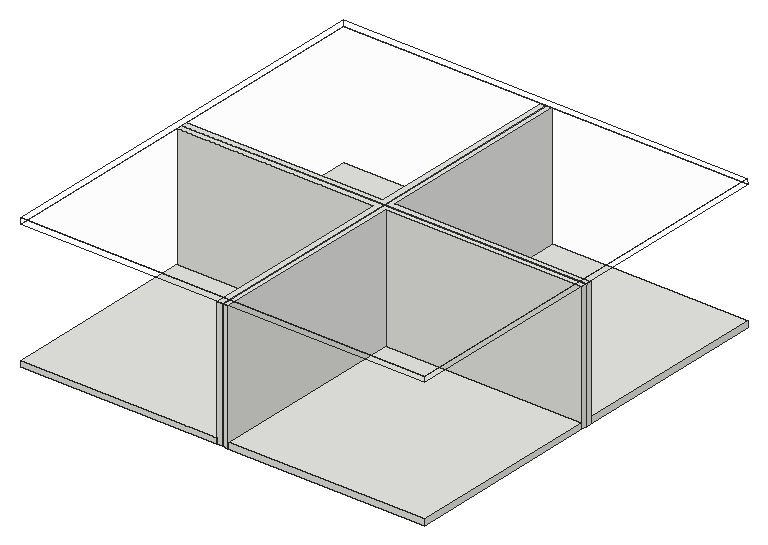
Revit family "Table-Coffee-Teknion-STLL_Masalla-R2013", category Furniture, Revit 2013
Parameters (values of type "4 Box Square, Plus")
  Width = 33.46457"
  Warranty = "http://www.teknionstudio.com/pdfs/Teknion%20Studio%20Warranty.pdf"
  Unit Weight = 0.00 lbf
  URL = "www.teknionstudio.com"
  Table Top Finish [instance] = Glass - Teknion - A5 - Standard - Clear
  Surface D Finish [instance] = Paint - Teknion - True White
  Surface C Finish [instance] = Paint - Teknion - True White
  Surface B Finish [instance] = Paint - Teknion - True White
  Surface A Finish [instance] = Paint - Teknion - True White
  Series = "Studio"
  Product Line = "Masalla"
  Product Documentation Link = "http://www.teknionstudio.com/pricing/STLL_ppg.pdf"
  Part Number = "STLL"
  Model = "STLL"
  Manufacturer Phone = "919-464-2920"
  Manufacturer Fax = "919-464-2927"
  Manufacturer Email = "customersupport@teknionstudio.com"
  Manufacturer Address = "3941 US 70 Business HWY West, Clayton, NC 27520"
  Manufacturer = "Teknion Studio"
  Low Emitting Material = yes
  Low Emitting Finish = yes
  Height = 12.59843"
  Description = "Masalla Table, 4 Box Square - Plus"
  Depth = 33.46457"
  Assembly Code = "E2020200"
Reference planes (in)
  plane 1 "Center F/B": y = 0
  plane 2: z = 0
  plane 3 "Center L/R": x = 0
  plane 4 "Left": x = -16.73228
  plane 5 "Right": x = 16.73228
  plane 6 "Back": y = 16.73228
  plane 7 "Front": y = -16.73228
  plane 8 "Top": z = 12.59843
  plane 9: z = 1.5748
  plane 10: z = 12.12598
Forms (in)
  Sweep 1, solid, material "Paint - Teknion - Smoke"
    path origin (0, 0, 0) x (1, 0, 0) y (0, 0, 1)
      loop
        line (0, 0) -> (0, 1.5748)
    profile origin (0, 0, 0.7874) x (-1, 0, 0) y (0, -1, 0)
      loop
        line (14.37028, -14.37008) -> (14.37028, 14.37008) -> (-14.37028, 14.37008) -> (-14.37028, -14.37008) -> (14.37028, -14.37008)
      loop
        line (-13.89784, -13.89764) -> (13.89784, -13.89764) -> (13.89784, 13.89764) -> (-13.89784, 13.89764) -> (-13.89784, -13.89764)
  Sweep 2, solid, material "Paint - Teknion - Smoke"
    path origin (0, 0, 0) x (1, 0, 0) y (0, 0, 1)
      loop
        line (0, 1.5748) -> (0, 1.10236)
    profile origin (0, 0, 1.33858) x (0, -1, 0) y (1, 0, 0)
      loop
        line (-13.89764, -13.89728) -> (13.89764, -13.89728) -> (13.89764, 13.89728) -> (-13.89764, 13.89728) -> (-13.89764, -13.89728)
  Sweep 3, solid, material "Glass - Teknion - A5 - Standard - Clear" <- "Table Top Finish"
    path origin (0, 0, 0) x (1, 0, 0) y (0, 0, 1)
      loop
        line (0, 12.59843) -> (0, 12.12598)
    profile origin (0, 0, 12.3622) x (0, -1, 0) y (1, 0, 0)
      loop
        line (-16.73228, -16.73228) -> (16.73228, -16.73228) -> (16.73228, 16.73228) -> (-16.73228, 16.73228) -> (-16.73228, -16.73228)
  Sweep 4, solid, material "Paint - Teknion - True White" <- "Surface A Finish"
    path origin (0, 0, 0) x (1, 0, 0) y (0, 0, 1)
      loop
        line (0, 12.12598) -> (0, 1.5748)
    profile origin (0, 0, 6.85039) x (0, -1, 0) y (1, 0, 0)
      loop
        line (-0.472, -16.73228) -> (0, -16.73228) -> (0, 0) -> (-16.73228, 0) -> (-16.73228, -0.472) -> (-0.472, -0.472) -> (-0.472, -16.73228)
  Sweep 5, solid, material "Paint - Teknion - True White" <- "Surface A Finish"
    path origin (0, 0, 0) x (-1, 0, 0) y (0, 0, 1)
      loop
        line (0, 1.5748) -> (0, 2.04724)
    profile origin (0, 0, 1.81102) x (-1, 0, 0) y (0, -1, 0)
      loop
        line (0.472, -16.73228) -> (16.73228, -16.73228) -> (16.73228, -0.472) -> (0.472, -0.472) -> (0.472, -16.73228)
  Sweep 6, solid, material "Paint - Teknion - True White" <- "Surface B Finish"
    path origin (0, 0, 0) x (1, 0, 0) y (0, 0, -1)
      loop
        line (0, -1.5748) -> (0, -2.04724)
    profile origin (0, 0, 1.81102) x (1, 0, 0) y (0, 1, 0)
      loop
        line (-16.73228, -16.73228) -> (-0.47244, -16.73228) -> (-0.47244, -0.472) -> (-16.73228, -0.472) -> (-16.73228, -16.73228)
  Sweep 7, solid, material "Paint - Teknion - True White" <- "Surface B Finish"
    path origin (0, 0, 0) x (1, 0, 0) y (0, 0, 1)
      loop
        line (0, 12.12598) -> (0, 1.5748)
    profile origin (0, 0, 6.85039) x (0, -1, 0) y (1, 0, 0)
      loop
        line (16.73228, 0) -> (0, 0) -> (0, -16.73228) -> (0.472, -16.73228) -> (0.472, -0.47244) -> (16.73228, -0.47244) -> (16.73228, 0)
  Sweep 8, solid, material "Paint - Teknion - True White" <- "Surface D Finish"
    path origin (0, 0, 0) x (1, 0, 0) y (0, 0, 1)
      loop
        line (0, 12.12598) -> (0, 1.5748)
    profile origin (0, 0, 6.85039) x (0, -1, 0) y (1, 0, 0)
      loop
        line (-0.472, 0.472) -> (-16.73228, 0.472) -> (-16.73228, 0) -> (0, 0) -> (0, 16.73228) -> (-0.472, 16.73228) -> (-0.472, 0.472)
  Sweep 9, solid, material "Paint - Teknion - True White" <- "Surface D Finish"
    path origin (0, 0, 0) x (1, 0, 0) y (0, 0, 1)
      loop
        line (0, 2.0468) -> (0, 1.5748)
    profile origin (0, 0, 1.8108) x (0, -1, 0) y (1, 0, 0)
      loop
        line (-16.73228, 0.472) -> (-0.472, 0.472) -> (-0.472, 16.73228) -> (-16.73228, 16.73228) -> (-16.73228, 0.472)
  Sweep 10, solid, material "Paint - Teknion - True White" <- "Surface C Finish"
    path origin (0, 0, 0) x (1, 0, 0) y (0, 0, 1)
      loop
        line (0, 12.12598) -> (0, 1.5748)
    profile origin (0, 0, 6.85039) x (0, -1, 0) y (1, 0, 0)
      loop
        line (0, 0) -> (16.73228, 0) -> (16.73228, 0.472) -> (0.472, 0.472) -> (0.472, 16.73228) -> (0, 16.73228) -> (0, 0)
  Sweep 11, solid, material "Paint - Teknion - True White" <- "Surface C Finish"
    path origin (0, 0, 0) x (1, 0, 0) y (0, 0, 1)
      loop
        line (0, 2.04724) -> (0, 1.5748)
    profile origin (0, 0, 1.81102) x (0, -1, 0) y (1, 0, 0)
      loop
        line (16.73228, 16.73228) -> (0.472, 16.73228) -> (0.472, 0.472) -> (16.73228, 0.472) -> (16.73228, 16.73228)
Lines and regions (in)
  Masking region 1
    outline origin (0, 0, 12.59843) x (-1, 0, 0) y (0, -1, 0)
      loop
        line (16.73228, -16.73228) -> (16.73228, 16.73228) -> (-16.73228, 16.73228) -> (-16.73228, -16.73228) -> (16.73228, -16.73228)
  symbolic lines, style "Hidden Lines", detail levels medium+fine
    curve 1: line (-16.73228, 0, 12.59843) -> (16.73228, 0, 12.59843)
    curve 8: line (0, 16.73228, 12.59843) -> (0, -16.73228, 12.59843)
  symbolic lines, style "Hidden Lines", detail levels fine
    curve 2: line (0.472, 16.73228, 12.59843) -> (0.472, 0.472, 12.59843)
    curve 3: line (-0.472, 16.73228, 12.59843) -> (-0.472, 0, 12.59843)
    curve 4: line (-16.73228, 0.472, 12.59843) -> (-0.472, 0.472, 12.59843)
    curve 5: line (-16.73228, -0.472, 12.59843) -> (0, -0.472, 12.59843)
    curve 6: line (-0.472, -0.472, 12.59843) -> (-0.472, -16.73228, 12.59843)
    curve 7: line (0.472, 0, 12.59843) -> (0.472, -16.73228, 12.59843)
    curve 9: line (0.472, -0.472, 12.59843) -> (16.73228, -0.472, 12.59843)
    curve 10: line (0, 0.472, 12.59843) -> (16.73228, 0.472, 12.59843)
Dimensions and locks (in)
  "Height": plane 8 "Top" to level
  equal spacing: plane 4 "Left", plane 3 "Center L/R", plane 5 "Right"
  equal spacing: plane 6 "Back", plane 1 "Center F/B", plane 7 "Front"
  "Width": plane 4 "Left" to plane 5 "Right"
  "Depth": plane 6 "Back" to plane 7 "Front"
  locked: plane 8 "Top" to Sweep 3 sketch curve at 0.47244
  locked: plane 8 "Top" to plane 10 at 0.47244
  locked: plane 9 to plane 2 at 1.5748
  locked: plane 9 to Sweep 2 sketch curve at 0.47244
  locked: Sweep 5 sketch curve to plane 9 at 0.47244
  locked: Sweep 6 sketch curve to plane 9 at 0.47244
  locked: Sweep 1 sketch curve to Sweep 1 sketch curve at 0.47244  (x2)
  locked: plane 4 "Left" to Sweep 1 sketch curve at 2.362
  locked: Sweep 1 sketch curve to plane 5 "Right" at 2.362
  plane 6 "Back" to Sweep 1 sketch curve to Sweep 1 sketch curve = 2.3622" locked, 0.47244" locked
  plane 7 "Front" to Sweep 1 sketch curve to Sweep 1 sketch curve = 2.3622" locked, 0.47244" locked
  locked: plane 6 "Back" to Sweep 2 sketch curve at 2.83465
  locked: Sweep 2 sketch curve to plane 7 "Front" at 2.83465
  locked: Sweep 2 sketch curve to plane 5 "Right" at 2.835
  locked: plane 4 "Left" to Sweep 2 sketch curve at 2.835
  locked: Sweep 7 sketch curve to plane 1 "Center F/B" at 0.472
  locked: Sweep 6 sketch curve to plane 1 "Center F/B" at 0.472
  locked: Sweep 4 sketch curve to Sweep 4 sketch curve at 0.472
  locked: Sweep 5 sketch curve to plane 3 "Center L/R" at 0.472
  locked: plane 3 "Center L/R" to Sweep 8 sketch curve at 0.472
  locked: Sweep 9 sketch curve to plane 9 at 0.472
  locked: plane 3 "Center L/R" to Sweep 9 sketch curve at 0.472
  locked: curve 5 to plane 1 "Center F/B" at 0.472
  locked: curve 3 to plane 3 "Center L/R" at 0.472
  locked: plane 3 "Center L/R" to curve 2 at 0.472
  locked: Sweep 7 sketch curve to plane 3 "Center L/R" at 0.47244
  locked: Sweep 6 sketch curve to plane 3 "Center L/R" at 0.47244
  locked: plane 1 "Center F/B" to Sweep 4 sketch curve at 0.472
  locked: plane 1 "Center F/B" to Sweep 8 sketch curve at 0.472
  locked: plane 1 "Center F/B" to Sweep 9 sketch curve at 0.472
  locked: plane 1 "Center F/B" to Sweep 5 sketch curve at 0.472
  locked: Sweep 10 sketch curve to plane 1 "Center F/B" at 0.472
  locked: plane 3 "Center L/R" to Sweep 10 sketch curve at 0.472
  locked: Sweep 11 sketch curve to plane 1 "Center F/B" at 0.472
  locked: plane 3 "Center L/R" to Sweep 11 sketch curve at 0.472
  locked: Sweep 11 sketch curve to plane 9 at 0.47244
  locked: plane 1 "Center F/B" to curve 10 at 0.472
  locked: plane 1 "Center F/B" to curve 4 at 0.472
  locked: curve 9 to plane 1 "Center F/B" at 0.472
  locked: curve 6 to plane 3 "Center L/R" at 0.472
  locked: plane 3 "Center L/R" to curve 7 at 0.472
  aligned and locked: level to plane 2
  aligned and locked: plane 3 "Center L/R" to Sweep 1 sketch curve
  aligned and locked: plane 2 to Sweep 1 sketch curve
  aligned and locked: Sweep 2 sketch curve to plane 3 "Center L/R"
  aligned and locked: Sweep 3 sketch curve to plane 3 "Center L/R"
  aligned and locked: plane 8 "Top" to Sweep 3 sketch curve
  aligned and locked: Sweep 3 sketch curve to plane 6 "Back"
  aligned and locked: plane 9 to Sweep 1 sketch curve
  aligned and locked: plane 9 to Sweep 2 sketch curve
  aligned and locked: plane 10 to Sweep 4 sketch curve
  aligned and locked: Sweep 4 sketch curve to plane 3 "Center L/R"
  aligned and locked: plane 9 to Sweep 4 sketch curve
  aligned and locked: Sweep 4 sketch curve to plane 4 "Left"
  aligned and locked: Sweep 4 sketch curve to plane 1 "Center F/B"
  aligned and locked: plane 9 to Sweep 5 sketch curve
  aligned and locked: plane 7 "Front" to Sweep 6 sketch curve
  aligned and locked: plane 9 to Sweep 6 sketch curve
  aligned and locked: Masking region 1 sketch curve to plane 6 "Back"
  aligned and locked: Masking region 1 sketch curve to plane 5 "Right"
  aligned and locked: Masking region 1 sketch curve to plane 7 "Front"
  aligned and locked: plane 4 "Left" to Masking region 1 sketch curve
  aligned and locked: Sweep 7 sketch curve to plane 3 "Center L/R"
  aligned and locked: plane 10 to Sweep 7 sketch curve
  aligned and locked: plane 9 to Sweep 7 sketch curve
  aligned and locked: plane 1 "Center F/B" to Sweep 7 sketch curve
  aligned and locked: plane 4 "Left" to Sweep 7 sketch curve
  aligned and locked: Sweep 7 sketch curve to plane 7 "Front"
  aligned and locked: plane 7 "Front" to curve 6
  aligned and locked: plane 7 "Front" to curve 7
  aligned and locked: plane 4 "Left" to Sweep 3 sketch curve
  aligned and locked: Sweep 3 sketch curve to plane 5 "Right"
  aligned and locked: Sweep 3 sketch curve to plane 7 "Front"
  aligned and locked: Sweep 5 sketch curve to plane 4 "Left"
  aligned and locked: plane 10 to Sweep 8 sketch curve
  aligned and locked: plane 9 to Sweep 8 sketch curve
  aligned and locked: Sweep 8 sketch curve to plane 3 "Center L/R"  (x2)
  aligned and locked: plane 6 "Back" to Sweep 8 sketch curve
  aligned and locked: plane 5 "Right" to Sweep 8 sketch curve
  aligned and locked: plane 1 "Center F/B" to Sweep 8 sketch curve
  aligned and locked: plane 9 to Sweep 9 sketch curve
  aligned and locked: Sweep 9 sketch curve to plane 3 "Center L/R"
  aligned and locked: Sweep 9 sketch curve to plane 5 "Right"
  aligned and locked: plane 5 "Right" to curve 10
  aligned and locked: plane 4 "Left" to curve 4
  aligned and locked: plane 6 "Back" to curve 8
  aligned and locked: curve 8 to plane 3 "Center L/R"
  aligned and locked: plane 3 "Center L/R" to Sweep 7 sketch curve
  aligned and locked: Sweep 6 sketch curve to plane 4 "Left"
  aligned and locked: Sweep 9 sketch curve to plane 6 "Back"
  aligned and locked: plane 6 "Back" to Sweep 5 sketch curve
  aligned and locked: plane 10 to Sweep 10 sketch curve
  aligned and locked: plane 9 to Sweep 10 sketch curve
  aligned and locked: Sweep 10 sketch curve to plane 3 "Center L/R"
  aligned and locked: plane 1 "Center F/B" to Sweep 10 sketch curve
  aligned and locked: plane 3 "Center L/R" to Sweep 10 sketch curve
  aligned and locked: Sweep 10 sketch curve to plane 7 "Front"
  aligned and locked: Sweep 10 sketch curve to plane 5 "Right"
  aligned and locked: plane 9 to Sweep 11 sketch curve
  aligned and locked: Sweep 11 sketch curve to plane 3 "Center L/R"
  aligned and locked: Sweep 11 sketch curve to plane 5 "Right"
  aligned and locked: Sweep 11 sketch curve to plane 7 "Front"
  aligned and locked: plane 7 "Front" to curve 8
  aligned and locked: plane 3 "Center L/R" to curve 10
  aligned and locked: plane 1 "Center F/B" to curve 7
  aligned and locked: plane 1 "Center F/B" to curve 3
  aligned and locked: curve 5 to curve 6
  aligned and locked: curve 7 to curve 9
  aligned and locked: curve 10 to curve 2
  aligned and locked: curve 3 to curve 4
  aligned and locked: plane 6 "Back" to curve 3
  aligned and locked: plane 6 "Back" to curve 2
  aligned and locked: plane 4 "Left" to curve 5
  aligned and locked: plane 5 "Right" to curve 9
Automatic sketch dimensions
  Sweep 5 sketch curve to plane 3 "Center L/R" = 0.000"
  Sweep 6 sketch curve to plane 3 "Center L/R" = 0.000"
  Sweep 4 sketch curve to profile plane = 0.000"
  Sweep 4 sketch curve to plane 1 "Center F/B" = 16.73228"
  curve 1 to plane 5 "Right" = 0.000"
  curve 1 to plane 4 "Left" = 0.000"
